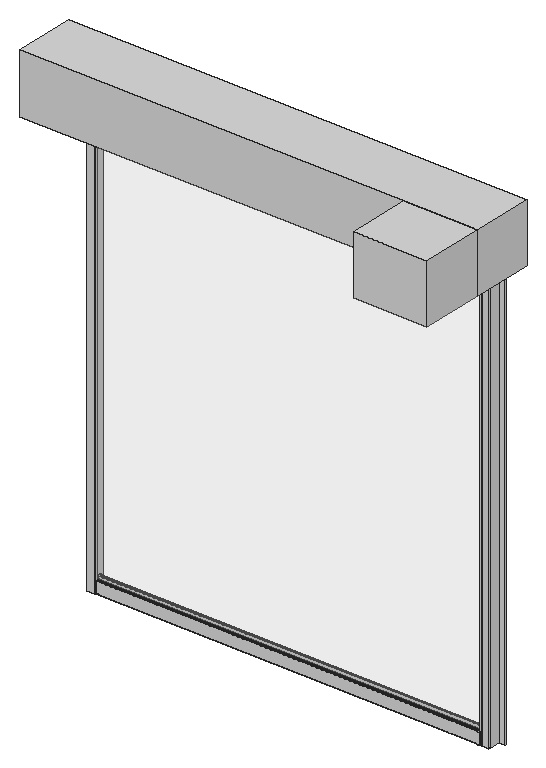
Revit family "Door-Crossing-Gard-Grille_Ceiling-Hosted_CornellIron", category Doors, host Ceiling, Revit 2013
Parameters (values of type "Door-Crossing-Gard-Grille_Ceiling-Hosted_CornellIron")
  Width = 10' - 0"
  Wall Construction = "Self supporting tubes, Masonry, Steel or Wood"  # constant formula
  URL Specifications = "http://www.cornelliron.com/docs/default-source/default-document-library/crossinggard-emergency-response-grilles-specification.doc?sfvrsn=1"
  URL Photographs = "http://www.cornelliron.com/inspiration-customization/project-gallery"
  URL CAD = "http://www.cornelliron.com/architect-tools-and-resources/drawing-generator"
  URL = "http://www.cornelliron.com/crossingGard.html"
  Subcategory = "Roll Up"  # constant formula
  Sizing Disclaimer = "Openings from 5' to 24' wide and 4' to 20' high."  # constant formula
  Revit Object Download Link = "http://cornellcookson.smartbim.com/download/Door_Crossing-Gard-Grille_Ceiling-Hosted_CornellIron"
  Representative Disclaimer = "Cornell products are sold and installed through a nationwide network of independent distributors."  # constant formula
  Overall Height = Height + 1' 10"  # 11' - 10"
  Optional aluminum, color anodized finish = Aluminum, mill finish(non-curtain components)
  Operator = Operator : Motor Operator
  Mounting = "Face of Wall"  # constant formula
  Model = "ERG-IBC"  # constant formula
  Manufacturer = "Cornell Iron Works"  # constant formula
  Listings = "ICC-ES Evaluated for access controlled egress per the IBC®, per ESR-1167"  # constant formula
  LEED Information = "http://www.cornelliron.com/architect-tools-and-resources/leed-information"
  Jamb Dimension Note = "5 1/2In to 6 1/2In wide. Consult Cornell when dimensions are critical. "  # constant formula
  Hood = Aluminum, mill finish(non-curtain components)
  Height = 10' - 0"
  Guides (Follows curtain) = Aluminum, mill finish(non-curtain components)
  Function = Interior
  From Coil Side Operate on Right = yes
  From Coil Side Operate on Left = not(From Coil Side Operate on Right)  # no
  Distributor Locator = "http://www.cornelliron.com/contact-us"
  Description = "The security of a locked rolling grille that opens on alarm or power failure allowing safe escape."  # constant formula
  Curtain Spacing Vertical Chains 9" OC, or = no
  Curtain Spacing Vertical Chains 6" OC, or = no
  Curtain Spacing Vertical Chains 3" OC = no
  Curtain Rods 2" OC Standard = Aluminum, anodized finish 9" Spacing (curtain only)
  Coil Dimension Note = "3In to 4 1/2In wide. Consult Cornell when dimensions are critical."  # constant formula
  Bottom Bar (Follows curtain) = Aluminum, mill finish(non-curtain components)
  Assembly Code = "B2030410"
  95 CSI = "08330"  # constant formula
  04 CSI = "08 33 00"  # constant formula
Reference planes (in)
  plane 1 "Center (Front/Back)": y = 0
  plane 2 "Ceiling": z = 120
  plane 3 "Center (Left/Right)": x = 0.00493
  plane 4: z = 60
  plane 5: x = -59.99507
  plane 6: x = 60.00493
  plane 7: z = 125
  plane 8: y = -24.76395
  plane 9: y = -27.32646
  plane 10: y = -29.88896
  plane 11: y = -12.38896
  plane 12: y = 5.61104
  plane 13: z = 123
  plane 14: z = 142
Forms (in)
  Sweep 1, solid, material "Aluminum, mill finish(non-curtain components)" <- "Guides (Follows curtain)"
    path origin (-180, -24.76395, 124.61148) x (0, 0, 1) y (-1, 0, 0)
      loop
        line (0.38852, -120.00493) -> (-124.61148, -120.00493)
    profile "Guide-Profile : Guide-Profile" origin (-59.99507, -24.76395, 62.5) x (1, 0, 0) y (0, -1, 0)
      loop
        line (4.5, 2.484) -> (2.563, 2.484) -> (2.563, 3.516) -> (4.5, 3.516) -> (4.5, 3.312) -> (4.64, 3.312) -> (4.64, 3.51604) -> (4.86, 3.51604) -> (4.86, 3.312) -> (5, 3.312) -> (5, 3.563) -> (4.875, 3.625) -> (2.5, 3.625) -> (2.5, 3) -> (2.312, 3) -> (2.312, 0.188) -> (0.5, 0.188) -> (0.5, 0) -> (2.5, 0) -> (2.5, 1.124) -> (4.875, 1.124) -> (5, 1.186) -> (5, 2.52275) -> (5, 2.688) -> (4.86, 2.688) -> (4.86, 2.56104) -> (4.64, 2.56104) -> (4.64, 2.688) -> (4.5, 2.688) -> (4.5, 2.484)
  Sweep 2, solid, material "Aluminum, mill finish(non-curtain components)" <- "Guides (Follows curtain)"
    path origin (-180, -24.76395, 124.61148) x (0, 0, 1) y (-1, 0, 0)
      loop
        line (0.38852, -240.00493) -> (-124.61148, -240.00493)
    profile "Guide-Profile : Guide-Profile" origin (60.00493, -24.76395, 62.5) x (1, 0, 0) y (0, -1, 0)
      loop
        line (-4.5, 2.484) -> (-4.5, 2.688) -> (-4.64, 2.688) -> (-4.64, 2.56104) -> (-4.86, 2.56104) -> (-4.86, 2.688) -> (-5, 2.688) -> (-5, 2.52275) -> (-5, 1.186) -> (-4.875, 1.124) -> (-2.5, 1.124) -> (-2.5, 0) -> (-0.5, 0) -> (-0.5, 0.188) -> (-2.312, 0.188) -> (-2.312, 3) -> (-2.5, 3) -> (-2.5, 3.625) -> (-4.875, 3.625) -> (-5, 3.563) -> (-5, 3.312) -> (-4.86, 3.312) -> (-4.86, 3.51604) -> (-4.64, 3.51604) -> (-4.64, 3.312) -> (-4.5, 3.312) -> (-4.5, 3.516) -> (-2.563, 3.516) -> (-2.563, 2.484) -> (-4.5, 2.484)
  Sweep 3, solid, material "Aluminum, mill finish(non-curtain components)" <- "Guides (Follows curtain)"
    path origin (-180, -24.76395, 124.61148) x (0, 0, 1) y (-1, 0, 0)
      loop
        line (-124.61148, -125.00493) -> (-124.61148, -235.00493)
    profile "Profile_BottomBar : Profile_BottomBar" origin (0.00493, -24.76395, 0) x (0, 0, 1) y (0, -1, 0)
      loop
        line (3.5, 2.9375) -> (3.5, 2.9685) -> (3.625, 2.9685) -> (3.625, 2.8595) -> (3.688, 2.8595) -> (3.688, 3.0315)
        arc (3.688, 3.0315) -> (3.66984, 3.07534) -> (3.626, 3.0935) r 0.062
        line (3.626, 3.0935) -> (3.562, 3.0935)
        arc (3.562, 3.0935) -> (3.51816, 3.11166) -> (3.5, 3.1555) r 0.062
        line (3.5, 3.1555) -> (3.5, 3.5005)
        arc (3.5, 3.5005) -> (3.48184, 3.54434) -> (3.438, 3.5625) r 0.062
        line (3.438, 3.5625) -> (0.062, 3.5625)
        arc (0.062, 3.5625) -> (0.01816, 3.54434) -> (0, 3.5005) r 0.062
        line (0, 3.5005) -> (0, 1.6245)
        arc (0, 1.6245) -> (0.01816, 1.58066) -> (0.062, 1.5625) r 0.062
        line (0.062, 1.5625) -> (3.438, 1.5625)
        arc (3.438, 1.5625) -> (3.48184, 1.58066) -> (3.5, 1.6245) r 0.062
        line (3.5, 1.6245) -> (3.5, 1.9695)
        arc (3.5, 1.9695) -> (3.51816, 2.01334) -> (3.562, 2.0315) r 0.062
        line (3.562, 2.0315) -> (3.626, 2.0315)
        arc (3.626, 2.0315) -> (3.66984, 2.04966) -> (3.688, 2.0935) r 0.062
        line (3.688, 2.0935) -> (3.688, 2.2655) -> (3.625, 2.2655) -> (3.625, 2.1565) -> (3.5, 2.1565) -> (3.5, 2.1875) -> (3.594, 2.1875) -> (3.594, 2.2965) -> (4.484, 2.2965)
        arc (4.484, 2.2965) -> (4.56974, 2.3107) -> (4.64632, 2.35177) r 0.266
        arc (4.64632, 2.35177) -> (4.69392, 2.39914) -> (4.72814, 2.45691) r 0.266
        arc (4.72814, 2.45691) -> (4.74762, 2.52696) -> (4.74739, 2.59967) r 0.266
        arc (4.74739, 2.59967) -> (4.73451, 2.65194) -> (4.71137, 2.70055) r 0.266
        arc (4.71137, 2.70055) -> (4.66476, 2.75765) -> (4.60425, 2.79977) r 0.266
        arc (4.60425, 2.79977) -> (4.54582, 2.82122) -> (4.484, 2.8285) r 0.266
        line (4.484, 2.8285) -> (3.594, 2.8285) -> (3.594, 2.9375) -> (3.5, 2.9375)
  Extrusion 4, solid, material "Aluminum, anodized finish 9" Spacing (curtain only)" <- "Curtain Rods 2" OC Standard"
    sketch origin (0, 0, 0) x (1, 0, 0) y (0, 1, 0)
      loop
        line (-55.49507, -27.45196) -> (-55.49507, -28.07596) -> (55.50493, -28.07596) -> (55.50493, -27.45196) -> (-55.49507, -27.45196)
    from 3.625 to 125
Cuts and joins
  joined: Sweep 1, Sweep 2
Lines and regions (in)
  Opening 1
    outline origin (0, 0, 96) x (1, 0, 0) y (0, 1, 0)
      loop
        line (60.00493, -24.76395) -> (-59.99507, -24.76395) -> (-59.99507, -29.88896) -> (60.00493, -29.88896) -> (60.00493, -24.76395)
  symbolic lines, style "DoorsPanelProjection"
    curve 1: line (-57.49507, -24.76396, 0) -> (-59.49507, -24.76396, 0)
    curve 2: line (-59.49507, -24.76396, 0) -> (-59.49507, -24.95196, 0)
    curve 3: line (-59.49507, -24.95196, 0) -> (-57.68307, -24.95196, 0)
    curve 4: line (-57.49507, -25.88796, 0) -> (-57.49507, -24.76396, 0)
    curve 5: line (-57.68307, -24.95196, 0) -> (-57.68307, -27.76396, 0)
    curve 6: line (-57.49507, -27.76396, 0) -> (-57.49507, -28.38896, 0)
    curve 7: line (-57.68307, -27.76396, 0) -> (-57.49507, -27.76396, 0)
    curve 8: line (-57.49507, -28.38896, 0) -> (-55.12007, -28.38896, 0)
    curve 9: line (-55.12007, -28.38896, 0) -> (-54.99507, -28.32696, 0)
    curve 10: line (-54.99507, -28.32696, 0) -> (-54.99507, -28.07596, 0)
    curve 11: line (-54.99507, -28.07596, 0) -> (-55.13507, -28.07596, 0)
    curve 12: line (-55.13507, -28.07596, 0) -> (-55.13507, -28.28, 0)
    curve 13: line (-55.13507, -28.28, 0) -> (-55.35507, -28.28, 0)
    curve 14: line (-55.35507, -28.28, 0) -> (-55.35507, -28.07596, 0)
    curve 15: line (-55.35507, -28.07596, 0) -> (-55.49507, -28.07596, 0)
    curve 16: line (-55.49507, -28.07596, 0) -> (-55.49507, -28.27996, 0)
    curve 17: line (-55.49507, -28.27996, 0) -> (-57.43207, -28.27996, 0)
    curve 18: line (-55.49507, -27.45196, 0) -> (-55.49507, -28.07596, 0)
    curve 19: line (-57.43207, -28.27996, 0) -> (-57.43207, -27.24796, 0)
    curve 20: line (-57.43207, -27.24796, 0) -> (-55.49507, -27.24796, 0)
    curve 21: line (-55.49507, -27.24796, 0) -> (-55.49507, -27.45196, 0)
    curve 22: line (-55.49507, -27.45196, 0) -> (-55.35507, -27.45196, 0)
    curve 23: line (-55.35507, -27.45196, 0) -> (-55.35507, -27.325, 0)
    curve 24: line (-55.35507, -27.325, 0) -> (-55.13507, -27.325, 0)
    curve 25: line (-55.13507, -27.325, 0) -> (-55.13507, -27.45196, 0)
    curve 26: line (-55.13507, -27.45196, 0) -> (-54.99507, -27.45196, 0)
    curve 27: line (-54.99507, -27.45196, 0) -> (-54.99507, -25.94996, 0)
    curve 28: line (-54.99507, -25.94996, 0) -> (-55.12007, -25.88796, 0)
    curve 29: line (-55.12007, -25.88796, 0) -> (-57.49507, -25.88796, 0)
    curve 30: line (-57.49507, -25.88796, 0) -> (-57.49507, -24.76396, 0)
    curve 31: line (59.50493, -24.95196, 0) -> (59.50493, -24.76396, 0)
    curve 32: line (59.50493, -24.76396, 0) -> (57.50493, -24.76396, 0)
    curve 33: line (57.69293, -24.95196, 0) -> (59.50493, -24.95196, 0)
    curve 34: line (57.69293, -27.76396, 0) -> (57.69293, -24.95196, 0)
    curve 35: line (57.50493, -24.76396, 0) -> (57.50493, -25.88796, 0)
    curve 36: line (57.50493, -27.76396, 0) -> (57.69293, -27.76396, 0)
    curve 37: line (57.50493, -28.38896, 0) -> (57.50493, -27.76396, 0)
    curve 38: line (55.12993, -28.38896, 0) -> (57.50493, -28.38896, 0)
    curve 39: line (55.00493, -28.32696, 0) -> (55.12993, -28.38896, 0)
    curve 40: line (55.00493, -28.07596, 0) -> (55.00493, -28.32696, 0)
    curve 41: line (55.14493, -28.07596, 0) -> (55.00493, -28.07596, 0)
    curve 42: line (55.14493, -28.28, 0) -> (55.14493, -28.07596, 0)
    curve 43: line (55.36493, -28.28, 0) -> (55.14493, -28.28, 0)
    curve 44: line (55.36493, -28.07596, 0) -> (55.36493, -28.28, 0)
    curve 45: line (55.50493, -28.07596, 0) -> (55.36493, -28.07596, 0)
    curve 46: line (55.50493, -28.27996, 0) -> (55.50493, -28.07596, 0)
    curve 47: line (55.50493, -28.07596, 0) -> (55.50493, -27.45196, 0)
    curve 48: line (57.44193, -28.27996, 0) -> (55.50493, -28.27996, 0)
    curve 49: line (57.44193, -27.24796, 0) -> (57.44193, -28.27996, 0)
    curve 50: line (55.50493, -27.24796, 0) -> (57.44193, -27.24796, 0)
    curve 51: line (55.50493, -27.45196, 0) -> (55.50493, -27.24796, 0)
    curve 52: line (55.36493, -27.45196, 0) -> (55.50493, -27.45196, 0)
    curve 53: line (55.36493, -27.325, 0) -> (55.36493, -27.45196, 0)
    curve 54: line (55.14493, -27.325, 0) -> (55.36493, -27.325, 0)
    curve 55: line (55.14493, -27.45196, 0) -> (55.14493, -27.325, 0)
    curve 56: line (55.00493, -27.45196, 0) -> (55.14493, -27.45196, 0)
    curve 57: line (55.00493, -25.94996, 0) -> (55.00493, -27.45196, 0)
    curve 58: line (55.12993, -25.88796, 0) -> (55.00493, -25.94996, 0)
    curve 59: line (57.50493, -25.88796, 0) -> (55.12993, -25.88796, 0)
  symbolic lines, style "Doors"
    curve 60: line (55.50493, -27.45196, 0) -> (-55.49507, -27.45196, 0)
    curve 61: line (-55.49507, -28.07596, 0) -> (55.50493, -28.07596, 0)
    curve 62: line (-55.49507, -27.45196, 0) -> (-55.49507, -28.07596, 0)
    curve 63: line (-54.99507, -28.32696, 0) -> (55.00493, -28.32696, 0)
    curve 64: line (-54.99507, -26.32645, 0) -> (55.00493, -26.32645, 0)
Dimensions and locks (in)
  equal spacing: host sketch curve, plane 3 "Center (Left/Right)", host sketch curve
  equal spacing: host sketch curve, plane 1 "Center (Front/Back)", host sketch curve
  host sketch curve to host sketch curve = 10' - 0"  (x2)
  equal spacing: plane 6, plane 3 "Center (Left/Right)", plane 5
  "Width": plane 6 to plane 5
  equal spacing: plane 8, plane 9, plane 10
  plane 7 to plane 13 = 0' - 2"
  plane 11 to plane 10 = 1' - 5 1/2"
  plane 12 to plane 11 = 1' - 6"
  locked: plane 7 to plane 2 "Ceiling" at 5
  "Overall Height": plane 14 to level
  equal spacing: plane 2 "Ceiling", plane 4, level
  "Height": plane 2 "Ceiling" to level
  aligned and locked: Sweep 1 sketch curve to plane 5
  aligned and locked: level to Sweep 1 sketch curve
  aligned and locked: Sweep 2 sketch curve to plane 6
  aligned and locked: level to Sweep 2 sketch curve
  aligned and locked: Sweep 3 sketch curve to level
  aligned and locked: plane 7 to Sweep 1 sketch curve
  aligned and locked: plane 7 to Sweep 2 sketch curve
  aligned and locked: Opening 1 sketch curve to plane 8
  aligned and locked: Opening 1 sketch curve to plane 10
  aligned and locked: Opening 1 sketch curve to plane 5
  aligned and locked: Opening 1 sketch curve to plane 6
  aligned and locked: Extrusion 4 sketch curve to cut or joined group of Sweep 1, Sweep 2  (x3)
  aligned and locked: cut or joined group of Sweep 1, Sweep 2 to Extrusion 4 sketch curve
  aligned and locked: plane 7 to Extrusion 4
  aligned and locked: nested 1 to plane 8
  aligned and locked: nested 1 to plane 7
  aligned and locked: Extrusion 4 to Sweep 3
  aligned and locked: plane 3 "Center (Left/Right)" to nested 1
  aligned and locked: cut or joined group of Sweep 1, Sweep 2 to Sweep 3 sketch curve
  aligned and locked: Sweep 3 sketch curve to cut or joined group of Sweep 1, Sweep 2
  aligned and locked: curve 1 to cut or joined group of Sweep 1, Sweep 2
  aligned and locked: curve 2 to cut or joined group of Sweep 1, Sweep 2
  aligned and locked: curve 3 to cut or joined group of Sweep 1, Sweep 2
  aligned and locked: curve 4 to cut or joined group of Sweep 1, Sweep 2
  aligned and locked: curve 5 to cut or joined group of Sweep 1, Sweep 2
  aligned and locked: curve 6 to cut or joined group of Sweep 1, Sweep 2
  aligned and locked: curve 7 to cut or joined group of Sweep 1, Sweep 2
  aligned and locked: curve 8 to cut or joined group of Sweep 1, Sweep 2
  aligned and locked: curve 9 to cut or joined group of Sweep 1, Sweep 2
  aligned and locked: curve 10 to cut or joined group of Sweep 1, Sweep 2
  aligned and locked: curve 11 to cut or joined group of Sweep 1, Sweep 2
  aligned and locked: curve 12 to cut or joined group of Sweep 1, Sweep 2
  aligned and locked: curve 13 to cut or joined group of Sweep 1, Sweep 2
  aligned and locked: curve 14 to cut or joined group of Sweep 1, Sweep 2
  aligned and locked: curve 15 to cut or joined group of Sweep 1, Sweep 2
  aligned and locked: curve 16 to cut or joined group of Sweep 1, Sweep 2
  aligned and locked: curve 17 to cut or joined group of Sweep 1, Sweep 2
  aligned and locked: curve 18 to Extrusion 4
  aligned and locked: curve 19 to cut or joined group of Sweep 1, Sweep 2
  aligned and locked: curve 20 to cut or joined group of Sweep 1, Sweep 2
  aligned and locked: curve 21 to cut or joined group of Sweep 1, Sweep 2
  aligned and locked: curve 22 to cut or joined group of Sweep 1, Sweep 2
  aligned and locked: curve 23 to cut or joined group of Sweep 1, Sweep 2
  aligned and locked: curve 24 to cut or joined group of Sweep 1, Sweep 2
  aligned and locked: curve 25 to cut or joined group of Sweep 1, Sweep 2
  aligned and locked: curve 26 to cut or joined group of Sweep 1, Sweep 2
  aligned and locked: curve 27 to cut or joined group of Sweep 1, Sweep 2
  aligned and locked: curve 28 to cut or joined group of Sweep 1, Sweep 2
  aligned and locked: curve 29 to cut or joined group of Sweep 1, Sweep 2
  aligned and locked: curve 31 to cut or joined group of Sweep 1, Sweep 2
  aligned and locked: curve 32 to cut or joined group of Sweep 1, Sweep 2
  aligned and locked: curve 33 to cut or joined group of Sweep 1, Sweep 2
  aligned and locked: curve 34 to cut or joined group of Sweep 1, Sweep 2
  aligned and locked: curve 35 to cut or joined group of Sweep 1, Sweep 2
  aligned and locked: curve 36 to cut or joined group of Sweep 1, Sweep 2
  aligned and locked: curve 37 to cut or joined group of Sweep 1, Sweep 2
  aligned and locked: curve 38 to cut or joined group of Sweep 1, Sweep 2
  aligned and locked: curve 39 to cut or joined group of Sweep 1, Sweep 2
  aligned and locked: curve 40 to cut or joined group of Sweep 1, Sweep 2
  aligned and locked: curve 41 to cut or joined group of Sweep 1, Sweep 2
  aligned and locked: curve 42 to cut or joined group of Sweep 1, Sweep 2
  aligned and locked: curve 43 to cut or joined group of Sweep 1, Sweep 2
  aligned and locked: curve 44 to cut or joined group of Sweep 1, Sweep 2
  aligned and locked: curve 45 to cut or joined group of Sweep 1, Sweep 2
  aligned and locked: curve 46 to cut or joined group of Sweep 1, Sweep 2
  aligned and locked: curve 47 to Extrusion 4
  aligned and locked: curve 48 to cut or joined group of Sweep 1, Sweep 2
  aligned and locked: curve 49 to cut or joined group of Sweep 1, Sweep 2
  aligned and locked: curve 50 to cut or joined group of Sweep 1, Sweep 2
  aligned and locked: curve 51 to cut or joined group of Sweep 1, Sweep 2
  aligned and locked: curve 52 to cut or joined group of Sweep 1, Sweep 2
  aligned and locked: curve 53 to cut or joined group of Sweep 1, Sweep 2
  aligned and locked: curve 54 to cut or joined group of Sweep 1, Sweep 2
  aligned and locked: curve 55 to cut or joined group of Sweep 1, Sweep 2
  aligned and locked: curve 56 to cut or joined group of Sweep 1, Sweep 2
  aligned and locked: curve 57 to cut or joined group of Sweep 1, Sweep 2
  aligned and locked: curve 58 to cut or joined group of Sweep 1, Sweep 2
  aligned and locked: curve 59 to cut or joined group of Sweep 1, Sweep 2
  aligned and locked: curve 60 to Extrusion 4
  aligned and locked: curve 61 to Extrusion 4
  aligned and locked: curve 62 to Extrusion 4
  aligned and locked: curve 64 to Sweep 3
Nested families (in)
  nested 1: "Operator" at (0.00493, -33.26395, 37.50377), type "Motor Operator"
Definition of nested family "Operator"
  Parameters (values of type "Motor Operator")
    Width = 10' - 0"
    Roller Chamber = Aluminum, mill finish(non-curtain components)
    Right Motor Visible = not(Motor)  # no
    Right = yes
    Operator Height = Height / 1.5  # 5' - 4"
    Motor = yes
    Material = Aluminum, mill finish(non-curtain components)
    Line = no
    Left Motor Visible = not(Motor)  # no
    Left = no
    Height = 8' - 0"
    Default Elevation = 4' - 0"
    Bottom Bar = Aluminum, mill finish(non-curtain components)
    Assembly Code = ""
  Reference planes (in)
    plane 1 "Center (Front/Back)": y = 0
    plane 2: z = 0
    plane 3 "Center (Left/Right)": x = 0
    plane 4: x = -60
    plane 5: x = 60
    plane 6: z = 96
    plane 7: y = 8.5
    plane 8: z = 87.49623
    plane 9: x = -42.75
    plane 10: x = 42.75
    plane 11: y = -27.30859
    plane 12: y = -12
    plane 13: y = 6.625
    plane 14: x = -55.5
    plane 15: x = 55.5
    plane 16: x = -65.5
    plane 17: x = 65.5
    plane 18: y = -7
  Forms (in)
    Sweep 1, solid, material "Aluminum, mill finish(non-curtain components)" <- "Bottom Bar"
      path origin (-42.75, -180, 87.49623) x (0, -1, 0) y (1, 0, 0)
        loop
          line (-188.5, -22.75) -> (-188.5, 108.25)
      profile "Profile_Hood : Profile_Hood" origin (0, 8.5, 87.49623) x (0, 1, 0) y (0, 0, 1)
        loop
          line (0, 17) -> (-17.5, 17) -> (-17.5, 0) -> (0, 0) -> (0, 17)
    Sweep 2, solid, material "Aluminum, mill finish(non-curtain components)" <- "Bottom Bar"
      path origin (-42.75, -180, 87.49623) x (0, -1, 0) y (1, 0, 0)
        loop
          line (-188.5, -22.75) -> (-188.5, 108.25)
      profile "Profile_Hood : Profile_Hood" origin (0, 8.5, 87.49623) x (0, 1, 0) y (0, 0, 1)
        loop
          line (0, 17) -> (-17.5, 17) -> (-17.5, 0) -> (0, 0) -> (0, 17)
    Sweep 3, solid, material "Aluminum, mill finish(non-curtain components)" <- "Roller Chamber"
      path origin (-42.75, -180, 87.49623) x (0, -1, 0) y (1, 0, 0)
        loop
          line (-188.5, -22.75) -> (-188.5, 108.25)
      profile "Profile_Hood : Profile_Hood" origin (0, 8.5, 87.49623) x (0, 1, 0) y (0, 0, 1)
        loop
          line (0, 17) -> (-17.5, 17) -> (-17.5, 0) -> (0, 0) -> (0, 17)
  Lines and regions (in)
    symbolic lines, style "GenericModelHiddenLines"
      curve 1: line (-65.5, 8.5, 0) -> (-65.5, -7, 0)
      curve 3: line (65.5, -7, 0) -> (65.5, 8.5, 0)
    symbolic lines, style "GenericModelHiddenLines", visible <- "Line"
      curve 2: line (-65.5, -7, 0) -> (65.5, -7, 0)
    symbolic lines, style "GenericModelHiddenLines", visible <- "Left"
      curve 4: line (-44.5, -7, 0) -> (65.5, -7, 0)
    symbolic lines, style "GenericModelHiddenLines", visible <- "Right"
      curve 5: line (-65.5, -7, 0) -> (44.5, -7, 0)
    symbolic lines, style "GenericModelHiddenLines", visible <- "Right Motor Visible"
      curve 6: line (44.5, -7, 0) -> (65.5, -7, 0)
    symbolic lines, style "GenericModelHiddenLines", visible <- "Left Motor Visible"
      curve 7: line (-65.5, -7, 0) -> (-44.5, -7, 0)
  Dimensions and locks (in)
    equal spacing: plane 4, plane 3 "Center (Left/Right)", plane 5
    "Width": plane 4 to plane 5
    "Height": plane 6 to level
    locked: plane 7 to plane 1 "Center (Front/Back)" at 8.5
    locked: plane 6 to plane 8 at 8.50377
    locked: plane 7 to plane 11 at 35.80859
    locked: plane 7 to plane 13 at 1.875
    locked: plane 15 to plane 5 at 4.5
    locked: plane 4 to plane 14 at 4.5
    locked: plane 16 to plane 4 at 5.5
    locked: plane 17 to plane 5 at 5.5
    locked: plane 18 to plane 7 at 15.5
    aligned and locked: nested 2 to plane 6
    aligned and locked: Sweep 1 sketch curve to plane 7
    aligned and locked: nested 1 to Sweep 1
    aligned and locked: Sweep 2 sketch curve to plane 7
    aligned and locked: Sweep 3 sketch curve to plane 7
    aligned and locked: plane 6 to nested 1
    aligned and locked: plane 16 to Sweep 2 sketch curve
    aligned and locked: plane 17 to Sweep 2 sketch curve
    aligned and locked: plane 16 to Sweep 3 sketch curve
    aligned and locked: plane 17 to Sweep 3 sketch curve
    aligned and locked: plane 16 to Sweep 1 sketch curve
    aligned and locked: plane 17 to Sweep 1 sketch curve
    aligned and locked: plane 7 to curve 1
    aligned and locked: curve 3 to plane 7
    aligned and locked: plane 18 to curve 3
    aligned and locked: plane 18 to curve 4
    aligned and locked: nested 1 to curve 5
    aligned and locked: curve 5 to plane 18
    aligned and locked: nested 1 to curve 6
    aligned and locked: curve 5 to curve 6
    aligned and locked: nested 2 to Sweep 3
    aligned and locked: nested 1 to Sweep 2
    aligned and locked: nested 2 to curve 7
    aligned and locked: plane 16 to nested 2
    aligned and locked: curve 1 to plane 16
  Nested families (in)
    nested 1: "Pull-Down-Pole" at (71.375, -2, 32), visible <- "Right", type "Pull"
    nested 2: "Pull-Down-Pole" at (-71.375, -2, 32) x (-1, 0, 0) z (0, 0, 1), visible <- "Left", type "Pull 2"
  Definition of nested family "Pull-Down-Pole"
    Parameters (values of type "Pull 2")
      Motor = yes
      Material = Aluminum, mill finish(non-curtain components)
      Hood = Aluminum, mill finish(non-curtain components)
      Height = 5' - 4"
      Bottom Bar = Aluminum, mill finish(non-curtain components)
      Assembly Code = ""
    Types (2): name
      Pull 2
      Pull
    Reference planes (in)
      plane 1 "Center (Front/Back)": y = 0
      plane 2: z = 0
      plane 3 "Center (Left/Right)": x = 0
      plane 4: z = 64
      plane 5: y = -7
      plane 6: y = -25
      plane 7: x = -3.625
      plane 8: x = -5.875
      plane 9: x = -1.375
    Forms (in)
      Extrusion 1, solid, material "Aluminum, mill finish(non-curtain components)" <- "Material", visible <- "Motor"
        sketch origin (0, 0, 0) x (1, 0, 0) y (0, 0, 1)
          loop
            line (-26.875, 72.49609) -> (-26.875, 55.49609) -> (-5.875, 55.49609) -> (-5.875, 72.49609) -> (-26.875, 72.49609)
        from 7 to 25
      Extrusion 2, solid, material "Aluminum, mill finish(non-curtain components)" <- "Bottom Bar", not visible
        sketch origin (-9.625, -8.75, 56.81318) x (0, 0, 1) y (0, -1, 0)
          loop
            line (15.68682, -17.125) -> (15.68682, -1.75) -> (-1.31318, -1.75) -> (-1.31318, -17.125) -> (15.68682, -17.125)
        from 3.75 to 8.25
      Extrusion 3, solid, material "Aluminum, mill finish(non-curtain components)" <- "Bottom Bar", not visible
        sketch origin (-5.875, -5.3125, 56.81318) x (0, 0, -1) y (0, -1, 0)
          loop
            line (-15.68682, 1.6875) -> (-15.68682, -13.6875) -> (1.31318, -13.6875) -> (1.31318, 1.6875) -> (-15.68682, 1.6875)
        from -4.5 to 0
    Lines and regions (in)
      symbolic lines, style "GenericModelHiddenLines", visible <- "Motor"
        curve 1: line (-26.875, -25, 0) -> (-26.875, -7, 0)
        curve 2: line (-26.875, -25, 0) -> (-5.875, -25, 0)
        curve 3: line (-5.875, -25, 0) -> (-5.875, -7, 0)
    Dimensions and locks (in)
      "Height": plane 4 to level
      locked: plane 3 "Center (Left/Right)" to Extrusion 1 sketch curve at 5.875
      locked: Extrusion 1 sketch curve to Extrusion 1 sketch curve at 21
      locked: plane 4 to Extrusion 1 sketch curve at 8.50391
      locked: Extrusion 1 sketch curve to plane 4 at 8.49609
      locked: plane 1 "Center (Front/Back)" to plane 5 at 7
      plane 5 to plane 6 = 1' - 6"
      Extrusion 2 to plane 7 = 0' - 2 1/4"
      locked: plane 8 to plane 9 at 4.5
      equal spacing: plane 8, plane 7, plane 9
      plane 5 to plane 1 "Center (Front/Back)" = 0' - 7"
      plane 1 "Center (Front/Back)" to Extrusion 3 sketch curve = 0' - 8 3/8"
      Extrusion 2 to plane 4 = 0' - 8 1/2"
      aligned and locked: plane 5 to Extrusion 1
      aligned and locked: plane 6 to Extrusion 1
      aligned and locked: plane 4 to nested 1
      aligned and locked: plane 7 to nested 1
      aligned and locked: plane 1 "Center (Front/Back)" to nested 1
      aligned and locked: Extrusion 2 to Extrusion 3
      aligned and locked: Extrusion 3 to plane 9
      aligned and locked: Extrusion 2 to plane 9
      aligned and locked: plane 5 to curve 1
      aligned and locked: plane 6 to curve 1
      aligned and locked: plane 5 to curve 3
      aligned and locked: plane 6 to curve 3
      aligned and locked: Extrusion 1 to curve 2
      aligned and locked: curve 2 to Extrusion 1
    Automatic sketch dimensions
      Extrusion 3 sketch curve to Extrusion 2 = 0' - 0"  (x2)
      Extrusion 3 sketch curve to Extrusion 2 = 1' - 3 3/8"
      Extrusion 2 sketch curve to plane 5 = 0' - 0"
      Extrusion 2 sketch curve to plane 4 = 0' - 8 1/2"
      plane 4 to Extrusion 2 sketch curve = 0' - 8 1/2"
      Extrusion 2 sketch curve to Extrusion 2 sketch curve = 1' - 3 3/8"
    Nested families (in)
      nested 1: "Hand Crank" at (-3.625, 0, 0), type "Pull"
        with Crank Visibility no
    Definition of nested family "Hand Crank"
      Parameters (values of type "Pull 2")
        Pull Visibility = no
        Material = none
        Height = 5' - 4"
        Crank Visibility = yes
        Chain Visibility = no
        Assembly Code = ""
      Types (2): name
        Pull
        Pull 2
      Reference planes (in)
        plane 1 "Center (Front/Back)": y = 0
        plane 2: z = 0
        plane 3 "Center (Left/Right)": x = 0
        plane 4: z = 64
      Forms (in)
        Extrusion 1, solid, material <- "Material", visible <- "Crank Visibility"
          sketch origin (0.49219, 0, -9.71913) x (1, 0, 0) y (0, 1, 0)
            loop
              circle (-0.49219, 0) r 0.3635
          from 27.71913 to 73.71913
        Revolve 2, solid, material <- "Material", visible <- "Crank Visibility"
          sketch origin (0.48828, 0, 0) x (1, 0, 0) y (0, 0, 1)
            loop
              line (-0.00839, 16.40625) -> (-0.00839, 17.75)
              arc (-0.00839, 17.75) -> (0.0137, 17.75915) -> (0.02286, 17.78125) r 0.03125
              line (0.02286, 17.78125) -> (0.02286, 17.96875)
              arc (0.02286, 17.96875) -> (0.0137, 17.99085) -> (-0.00839, 18) r 0.03125
              line (-0.00839, 18) -> (-0.12478, 18) -> (-0.25839, 16.375) -> (-0.03964, 16.375)
              arc (-0.03964, 16.375) -> (-0.01755, 16.38415) -> (-0.00839, 16.40625) r 0.03125
            axis (-0.5, 16.375) -> (-0.5, 18)
          angle from 0 to 360
        Extrusion 3, solid, material <- "Material", visible <- "Crank Visibility"
          sketch origin (0.48828, 0, -9.71913) x (1, 0, 0) y (0, 1, 0)
            loop
              circle (-0.5, 0) r 0.24161
          from 24.71913 to 26.09413
        Revolve 4, solid, material <- "Material", visible <- "Crank Visibility"
          sketch origin (0.48828, 0, -33.71913) x (1, 0, 0) y (0, 0, 1)
            loop
              line (-0.10214, 48.71913) -> (-0.5, 48.71913) -> (-0.5, 44.28163) -> (-0.10214, 44.28163)
              arc (-0.10214, 44.28163) -> (-0.08321, 44.29598) -> (-0.06782, 44.31409) r 0.10929
              arc (-0.06782, 44.31409) -> (-0.0568, 44.33489) -> (-0.05048, 44.35756) r 0.10929
              arc (-0.05048, 44.35756) -> (-0.04908, 44.37899) -> (-0.05189, 44.40028) r 0.10929
              arc (-0.05189, 44.40028) -> (-0.06078, 44.4247) -> (-0.07518, 44.44633) r 0.10929
              arc (-0.07518, 44.44633) -> (-0.08774, 44.45883) -> (-0.10214, 44.46913) r 0.10929
              line (-0.10214, 44.46913) -> (-0.25839, 44.46913) -> (-0.25839, 44.53163) -> (-0.03964, 44.53163)
              arc (-0.03964, 44.53163) -> (0.02286, 46.50038) -> (-0.03964, 48.46913) r 31.03906
              line (-0.03964, 48.46913) -> (-0.25839, 48.46913) -> (-0.25839, 48.53163) -> (-0.10214, 48.53163)
              arc (-0.10214, 48.53163) -> (-0.089, 48.54117) -> (-0.07741, 48.55254) r 0.11027
              arc (-0.07741, 48.55254) -> (-0.06715, 48.5662) -> (-0.05913, 48.58129) r 0.11027
              arc (-0.05913, 48.58129) -> (-0.05268, 48.60089) -> (-0.05, 48.62136) r 0.11027
              arc (-0.05, 48.62136) -> (-0.05282, 48.65047) -> (-0.06319, 48.67782) r 0.11027
              arc (-0.06319, 48.67782) -> (-0.07996, 48.70102) -> (-0.10214, 48.71913) r 0.11027
            axis (-0.5, 44.28163) -> (-0.5, 48.71913)
          angle from 0 to 360
        Revolve 5, solid, material <- "Material", visible <- "Crank Visibility"
          sketch origin (0.48828, 0, 0) x (1, 0, 0) y (0, 0, 1)
            loop
              line (-7.10196, 4.6875) -> (-7.49981, 4.6875) -> (-7.49981, 0) -> (-7.28964, 0) -> (-7.25839, 0.03125) -> (-7.25839, 0.25) -> (-7.10196, 0.25)
              arc (-7.10196, 0.25) -> (-7.08302, 0.26435) -> (-7.06764, 0.28246) r 0.10929
              arc (-7.06764, 0.28246) -> (-7.05661, 0.30326) -> (-7.0503, 0.32593) r 0.10929
              arc (-7.0503, 0.32593) -> (-7.04889, 0.34736) -> (-7.05171, 0.36865) r 0.10929
              arc (-7.05171, 0.36865) -> (-7.0606, 0.39307) -> (-7.075, 0.4147) r 0.10929
              arc (-7.075, 0.4147) -> (-7.08755, 0.4272) -> (-7.10196, 0.4375) r 0.10929
              line (-7.10196, 0.4375) -> (-7.25821, 0.4375) -> (-7.25821, 0.5) -> (-7.03946, 0.5)
              arc (-7.03946, 0.5) -> (-6.97696, 2.46875) -> (-7.03946, 4.4375) r 31.03906
              line (-7.03946, 4.4375) -> (-7.25821, 4.4375) -> (-7.25821, 4.5) -> (-7.10196, 4.5)
              arc (-7.10196, 4.5) -> (-7.08882, 4.50954) -> (-7.07722, 4.52091) r 0.11027
              arc (-7.07722, 4.52091) -> (-7.06696, 4.53457) -> (-7.05894, 4.54966) r 0.11027
              arc (-7.05894, 4.54966) -> (-7.05249, 4.56926) -> (-7.04981, 4.58973) r 0.11027
              arc (-7.04981, 4.58973) -> (-7.05263, 4.61884) -> (-7.06301, 4.64619) r 0.11027
              arc (-7.06301, 4.64619) -> (-7.07978, 4.66939) -> (-7.10196, 4.6875) r 0.11027
            axis (-7.49981, 0) -> (-7.49981, 4.6875)
          angle from 0 to 360
        Sweep 6, solid, material <- "Material", visible <- "Crank Visibility"
          path origin (0.48828, 0, 0) x (1, 0, 0) y (0, 0, 1)
            loop
              arc (-7.49004, 4.6119) -> (-7.47789, 4.71547) -> (-7.45023, 4.816) r 0.6875
              arc (-7.45023, 4.816) -> (-7.43834, 4.84678) -> (-7.42499, 4.87696) r 0.6875
              arc (-7.42499, 4.87696) -> (-7.41762, 4.89212) -> (-7.40987, 4.9071) r 0.6875
              arc (-7.40987, 4.9071) -> (-7.38741, 4.94613) -> (-7.36243, 4.98361) r 0.6875
              arc (-7.36243, 4.98361) -> (-7.33964, 5.01371) -> (-7.31523, 5.04252) r 0.6875
              arc (-7.31523, 5.04252) -> (-7.29391, 5.06527) -> (-7.27158, 5.08702) r 0.6875
              line (-7.27158, 5.08702) -> (-0.63776, 10.21872)
              arc (-0.63776, 10.21872) -> (-0.61587, 10.24313) -> (-0.59517, 10.26856) r 0.6875
              arc (-0.59517, 10.26856) -> (-0.57706, 10.29302) -> (-0.56005, 10.31826) r 0.6875
              arc (-0.56005, 10.31826) -> (-0.54767, 10.33829) -> (-0.53598, 10.35873) r 0.6875
              arc (-0.53598, 10.35873) -> (-0.52266, 10.38421) -> (-0.51043, 10.41023) r 0.6875
              arc (-0.51043, 10.41023) -> (-0.49993, 10.43513) -> (-0.49042, 10.46042) r 0.6875
              arc (-0.49042, 10.46042) -> (-0.47982, 10.49292) -> (-0.47085, 10.5259) r 0.6875
              arc (-0.47085, 10.5259) -> (-0.46028, 10.57739) -> (-0.45368, 10.62953) r 0.6875
          profile origin (-3.46639, 0, 7.65287) x (-0.611862, 0, 0.790964) y (0, -1, 0)
            loop
              circle (0, 0) r 0.21875
      Dimensions and locks (in)
        "Height": plane 4 to level
        aligned and locked: plane 4 to Extrusion 1
      Automatic sketch dimensions
        plane 3 "Center (Left/Right)" to Extrusion 1 sketch curve = 0' - 0"
        Extrusion 1 sketch curve to plane 1 "Center (Front/Back)" = 0' - 0"
        Revolve 2 sketch curve to plane 3 "Center (Left/Right)" = 0' - 0 3/256"
        Revolve 2 sketch curve to Revolve 2 sketch curve = 0' - 0.24161"
        Revolve 2 sketch curve to Revolve 2 sketch curve = 0' - 0.37522"
        Revolve 2 sketch curve to Revolve 2 sketch curve = 0' - 0 7/32"
        Revolve 2 sketch curve to Revolve 2 sketch curve = 0' - 0.11639"
        Revolve 2 sketch curve to Revolve 2 sketch curve = 0' - 0"  (x2)
        Revolve 2 sketch curve to Revolve 2 sketch curve = 0' - 0 1/32"
        level to Revolve 2 sketch curve = 1' - 4 3/8"
        Revolve 2 sketch curve to Revolve 2 sketch curve = 0' - 1 11/32"
        Revolve 2 sketch curve to Revolve 2 sketch curve = 0' - 0 3/16"
        Revolve 2 sketch curve to Revolve 2 sketch curve = 0' - 0.55649"
        Extrusion 3 sketch curve to plane 3 "Center (Left/Right)" = 0' - 0 3/256"
        Extrusion 3 sketch curve to plane 1 "Center (Front/Back)" = 0' - 0"
        Revolve 4 sketch curve to Revolve 4 sketch curve = 0' - 0"  (x42)
        Revolve 4 sketch curve to plane 3 "Center (Left/Right)" = 2' - 6.52792"
        Revolve 4 sketch curve to plane 3 "Center (Left/Right)" = 0' - 0 3/256"
        Revolve 4 sketch curve to Revolve 4 sketch curve = 0' - 0.24161"  (x2)
        Revolve 4 sketch curve to Revolve 4 sketch curve = 0' - 0.0982"
        Revolve 4 sketch curve to Revolve 4 sketch curve = 0' - 0.10009"
        Revolve 4 sketch curve to Revolve 4 sketch curve = 0' - 0.05805"  (x2)
        Revolve 4 sketch curve to Revolve 4 sketch curve = 0' - 0.05616"  (x2)
        Revolve 4 sketch curve to Revolve 4 sketch curve = 0' - 0.02473"
        Revolve 4 sketch curve to Revolve 4 sketch curve = 0' - 0.02696"
        Revolve 4 sketch curve to Revolve 4 sketch curve = 0' - 0.03432"
        Revolve 4 sketch curve to Revolve 4 sketch curve = 0' - 0.03895"
        Revolve 4 sketch curve to Revolve 4 sketch curve = 0' - 0.01828"
        Revolve 4 sketch curve to Revolve 4 sketch curve = 0' - 0.02329"
        Revolve 4 sketch curve to Revolve 4 sketch curve = 0' - 0.00141"
        Revolve 4 sketch curve to Revolve 4 sketch curve = 0' - 0.00913"
        Revolve 4 sketch curve to Revolve 4 sketch curve = 0' - 0 1/16"  (x4)
        level to Revolve 4 sketch curve = 0' - 10 9/16"
        Revolve 4 sketch curve to Revolve 4 sketch curve = 0' - 0.03246"
        Revolve 4 sketch curve to Revolve 4 sketch curve = 0' - 0.36189"
        level to Revolve 4 sketch curve = 1' - 0 25/32"
        Revolve 4 sketch curve to Revolve 4 sketch curve = 0' - 0.02091"
        Revolve 5 sketch curve to Revolve 5 sketch curve = 0' - 0"  (x42)
        Revolve 5 sketch curve to plane 3 "Center (Left/Right)" = 3' - 1.52774"
        Revolve 5 sketch curve to plane 3 "Center (Left/Right)" = 0' - 7.01153"
        Revolve 5 sketch curve to Revolve 5 sketch curve = 0' - 0.21017"
        Revolve 5 sketch curve to Revolve 5 sketch curve = 0' - 0 1/32"  (x2)
        Revolve 5 sketch curve to Revolve 5 sketch curve = 0' - 0.24161"
        Revolve 5 sketch curve to Revolve 5 sketch curve = 0' - 0.00019"
        Revolve 5 sketch curve to Revolve 5 sketch curve = 0' - 0.0982"
        Revolve 5 sketch curve to Revolve 5 sketch curve = 0' - 0.10009"
        Revolve 5 sketch curve to Revolve 5 sketch curve = 0' - 0.05805"  (x2)
        Revolve 5 sketch curve to Revolve 5 sketch curve = 0' - 0.05616"  (x2)
        Revolve 5 sketch curve to Revolve 5 sketch curve = 0' - 0.02473"
        Revolve 5 sketch curve to Revolve 5 sketch curve = 0' - 0.02696"
        Revolve 5 sketch curve to Revolve 5 sketch curve = 0' - 0.03432"
        Revolve 5 sketch curve to Revolve 5 sketch curve = 0' - 0.03895"
        Revolve 5 sketch curve to Revolve 5 sketch curve = 0' - 0.01828"
        Revolve 5 sketch curve to Revolve 5 sketch curve = 0' - 0.02329"
        Revolve 5 sketch curve to Revolve 5 sketch curve = 0' - 0.00141"
        Revolve 5 sketch curve to Revolve 5 sketch curve = 0' - 0.00913"
        Revolve 5 sketch curve to Revolve 5 sketch curve = 0' - 0 1/16"  (x4)
        level to Revolve 5 sketch curve = 0' - 0"
        Revolve 5 sketch curve to Revolve 5 sketch curve = 0' - 0 7/32"
        Revolve 5 sketch curve to Revolve 5 sketch curve = 0' - 0.03246"
        Revolve 5 sketch curve to Revolve 5 sketch curve = 0' - 0.03008"
        level to Revolve 5 sketch curve = 0' - 2 15/32"
        Revolve 5 sketch curve to Revolve 5 sketch curve = 0' - 0.02091"
        Sweep 6 sketch curve to Sweep 6 sketch curve = 0' - 0"  (x72)
        Sweep 6 sketch curve to plane 3 "Center (Left/Right)" = 0' - 7.00176"
        Sweep 6 sketch curve to Sweep 6 sketch curve = 0' - 0.03981"
        Sweep 6 sketch curve to Sweep 6 sketch curve = 0' - 0.02523"
        Sweep 6 sketch curve to Sweep 6 sketch curve = 0' - 0.01512"
        Sweep 6 sketch curve to Sweep 6 sketch curve = 0' - 0.04744"
        Sweep 6 sketch curve to Sweep 6 sketch curve = 0' - 0.0472"
        Sweep 6 sketch curve to Sweep 6 sketch curve = 0' - 0.04365"
        Sweep 6 sketch curve to Sweep 6 sketch curve = 0' - 0.60676"
        Sweep 6 sketch curve to Sweep 6 sketch curve = 0' - 6.13304"
        Sweep 6 sketch curve to Sweep 6 sketch curve = 0' - 0.50078"
        Sweep 6 sketch curve to Sweep 6 sketch curve = 0' - 0.04259"
        Sweep 6 sketch curve to Sweep 6 sketch curve = 0' - 0.03512"
        Sweep 6 sketch curve to Sweep 6 sketch curve = 0' - 0.02407"
        Sweep 6 sketch curve to Sweep 6 sketch curve = 0' - 0.02555"
        Sweep 6 sketch curve to Sweep 6 sketch curve = 0' - 0.02001"
        Sweep 6 sketch curve to Sweep 6 sketch curve = 0' - 0.01957"
        Sweep 6 sketch curve to Sweep 6 sketch curve = 0' - 0.01717"
        level to Sweep 6 sketch curve = 0' - 4.58384"
        Sweep 6 sketch curve to Sweep 6 sketch curve = 0' - 0.02806"
        Sweep 6 sketch curve to Sweep 6 sketch curve = 0' - 5.63487"
        Sweep 6 sketch curve to Sweep 6 sketch curve = 0' - 0.04984"
        Sweep 6 sketch curve to profile plane = 0' - 0"  (x2)
        radius of Extrusion 1 sketch curve = 0' - 0.3635"
        radius of Extrusion 3 sketch curve = 0' - 0.24161"
        radius of Sweep 6 sketch curve = 0' - 0 7/32"
